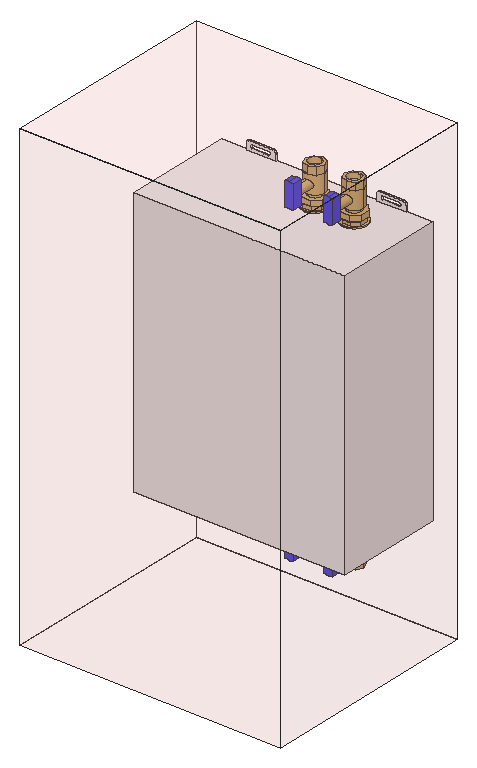
Revit family "MEP_HeatingInterface_FlamcoLtd_A1CIU_20KW", category Plumbing Fixtures, Revit 2016
Family settings
  Part Type = Normal
  Round Connector Dimension = Use Diameter
  Work Plane-Based = No
  Always vertical = Yes
  Cut with Voids When Loaded = No
  Shared = No
  Room Calculation Point = No
Parameters (values of type "A1CIU SP CIU 20Kw nominal  c/w case BPCM")
  PressureIndependentControlValve = "NexusValve Vivax  (min. p = 30 kPa) with thermo-electrical actuator (on/off)"
  OverPressureReliefValveWithPressureGauge = "3 bar, secondary circuit"
  MinFlowRateToActicvateDomesticFlowSensor = 0 mm
  InOutDepth = 56 mm
  InOut6 = 173 mm
  InOut5 = 130 mm
  InOut4 = 10 mm
  InOut3 = 53 mm
  InOut2 = 110 mm
  InOut1 = 190 mm
  Fix = 133 mm
  ElecConPos = 133 mm
  ElecConDepth = 73 mm
  DrainPos = 250 mm
  DrainDepth = 84 mm
  d = 31.8 mm
  ZoneValve = "\"Fitted on primary pipework to control space cooling\r\ncooling interface unit providing cooling only)\""
  WarrantyStartDate = "Record on Commissioning"
  WarrantyGuarantorParts = "Flamco Ltd"
  WarrantyGuarantorLabour = "Flamco Ltd"
  WarrantyDurationUnit = "2 years"
  WarrantyDurationParts = "2 years"
  WarrantyDurationLabour = "2 years"
  WarrantyDescription = "https://flamcogroup.com/ex-en/page/terms-and-conditions"
  Version = "1"
  Uniclass2015Reference = "Ss_75_70_52_17"
  Uniclass2015Description = "Cooling system control systems"
  Under Floor heating Capability = yes
  Type Comments = "AI-GB00132"
  Type = "Cooling Interface Unit for indirect comfort cooling"
  TestPoints = "Fitted on primary flow and return"
  TagNumber = "Record on Commissioning"
  SustainabilityPerformance = "N/A"
  Strainer = "On primary Flow and secondary return"
  SpareParts = "https://flamcogroup.com/uk-en/page/service-support/meibes-spare-parts"
  SolenoidValve(Optional) = "Primary Only"
  Size(WxDxH_Height_of_the_case) = "649 x 337 x 830mm"
  Size = "649 x 337 x 830"
  Shape = "cuboid"
  ServiceLifeDuration = "Record on Commissioning"
  SerialNumber = "Record on Commissioning"
  SensorPockets = "Primary flow and return for heat meter"
  SecondaryFluid = "Low pressure cold water"
  SecondaryCirculationPump = "N/A"
  ReturnWaterTemperatureCooling = "Dependent on flow temperature (refer to graphs in chapter 3 Technical Data V5)"
  ReturnTemperatureLimiter = "N/A"
  ReplacementCost = "N/A"
  ReferenceStandard = "N/A"
  ProductionYear = "Record on Installation"
  ProductCode = "AI-GB00132"
  Process = "Heat distribution"
  PrimaryFluid = "Low pressure cold water"
  Pressure(MinimumSupplyWaterPressure) = "1 bar (Maximum PN10)"
  URL = "https://flamcogroup.com/uk-en/catalog/distribution-technology-by-meibes/district-heating-equipment/meibes-ciu-indirect-units-for-cooling/logocool-20-kw/groups/g+c+p+a+view"
  PowerConsumption = 0 W
  PlateHeatExchanger = "Stainless steel plate heat exchanger"
  Pipework = "Insulated flexible stainless steel with brass fittings"
  PatternNumber = "A1CIU SP CIU 20Kw nominal  c/w case BPCM"
  PartNumber = "AI-GB00132"
  PackagingContent = ""
  PNRating = "PN10 (PN16 on request)"
  Output Range (P1, selectable) = "9 … 24 kW"
  NominalWidth = 650 mm
  NominalLength = 650 mm
  NominalHeight = 824 mm
  NominalDepth = 337 mm
  Name = "A1CIU SP CIU 20Kw nominal  c/w case BPCM"
  NLRS_S_gewicht_bruto = 0.00 kg
  NLRS_P_volumestroom = 0.0 L/s
  NLRS_C_type_comments = "N/A"
  NLRS_C_revit_versie = "2016"
  NLRS_C_model = "N/A"
  NLRS_C_description = "N/A"
  NLRS_C_content_versie = "1"
  NLRS_C_content_datum_uitgifte = "N/A"
  NLRS_C_content_datum_gewijzigd = "N/A"
  NLRS_C_content_creator = "Alus Services Ltd"
  NLRS_C_code_leverancier_artikel = "N/A"
  NLRS_C_code_gtin = "N/A"
  NLRS_C_code_fabrikant_product = "N/A"
  NLRS_C_code_fabrikant_gln = "N/A"
  NLRS_C_code_SfB_tabel1 = "N/A"
  NLRS_C_code_ETIM_url = "N/A"
  NLRS_C_code_ETIM = "N/A"
  NLRS_C_code_CBNL_URL = "N/A"
  NLRS_C_code_CBNL = "N/A"
  NBSReference = "N/A"
  NBSOfficeMasterTag = "N/A"
  NBSObjectName = "N/A"
  NBSNote = "N/A"
  NBSDescription = "Cooling system control systems"
  Mounting = "Wall Mounted"
  ModelReference = "A1CIU SP CIU 20Kw nominal  c/w case BPCM"
  ModelNumber = "AI-GB00132"
  ModelLabel = ""
  Model = "A1CIU SP CIU 20Kw nominal  c/w case BPCM"
  MinTemperaturePrimary = 5 °C
  MinTemperature = "-15"
  MinPressure = "1 BAR"
  MinDifferentialPressure = 30000.0 Pa
  MaximumSecondaryPressure = "PN10 (restricted to 3 bar by over pressure relief valve)"
  MaximumPrimaryPressure = "PN10 (PN16 on request)"
  MaximumPercentageOfGlycol = "Refer to Flamco Technical Support For More Information +44 1744 744 744"
  MaxTemperaturePrimary = 9 °C
  MaxTemperature = "N/A"
  MaxPressure@Maxtemperature = "PN10 (PN16 on request)"
  MaxPressure = 30000.0 Pa
  MaxDifferentialPressure = 400000.0 Pa
  Max Flow = 0.33 L/s
  Material = "Insulated flexible stainless steel with brass fittings"
  ManufacturingAddress = "Flamco UK Ltd, Washway Lane, St Helens, WA10 6PB\r\nWashway Lane \r\nWA10 6PB St Helens, Merseyside\r\nUnited Kingdom"
  ManufacturerName = "Flamco Limited"
  Manufacturer = "Flamco Limited"
  Maintenance = "Annual Inspection"
  LossFactor = 0
  LifeCyclePhase = "N/A"
  InstallationDate = "Record On Installation"
  IfcExportType = "IfcHeatExchangerType"
  IfcExportAs = "IfcEnergyConversionDevice"
  HeatTransferCapacity = "18kW @ 30K ΔT (10kW@20K ΔT)"
  HeatMeter = "Prefitted - Rossweiner HeatSonic, battery powered, M-Bus interface"
  Grade = "N/A"
  FluidTemperatureReturn = "Dependent on flow temperature (refer to graphs in chapter 3 Technical Data V5)"
  FluidTemperatureFlow = "8 … 10ºC"
  FlowRateRange = "1700 … 3300 L/Hour"
  Finish = "N/A"
  FilledWeight = ""
  Features = "Small dimensions, Sealed case (vapour proof) - including all external connections - to avoid condensation, 30mm internal insulation, Successfully tested at room temperatures >30°C and up to 90% humidity, Supplied with silica gel pads to collect any condensation that occurs after commissioning or inspection, Selectable duty offering a range of different outputs, easy to setup, Case with lift-off latches making it easy to open in confined spaces, Top entry connections, Stainless steel expansion vessel (secondary circuit), Ultrasonic heat meter (cooling mode) with M-Bus connectivity, A-rated circulation pump (secondary circuit)"
  ExternalConnections = "Female 1.1/4\" threaded"
  ExpectedLife = "Record on installation"
  ExpansionVessel = "2 Litre Fitted in secondary flow"
  EnvironmentalProductDeclaration = ""
  EmbodiedCarbon = "N/A"
  ElectronicControllerFrequency = "50hz"
  ElectricControllerSupply = "230v"
  EANCode = "4016715060181"
  Duty(Secondary)Cooling(ReturnTemperature) = "12 … 16 ºC"
  Duty(Secondary)Cooling(Flowraterange)(l/h) = "1500 … 3400"
  Duty(Secondary)Cooling(FlowTemperature) = "8 … 10ºC"
  DurationUnit = "Record on installation"
  DryWeight = ""
  DocumentationTechnical = ""
  DocumentationMaintenance = ""
  DocumentationLiterature = ""
  DocumentationInstallationGuide = ""
  DocumentationCertificates = ""
  Description = "A1CIU SP CIU 20Kw nominal  c/w case BPCM"
  CreatedOn = "20/05/18"
  CreatedBy = "Alus Services Ltd"
  CoolingSystem = "2 pipe flow"
  Controls = "External"
  Constituents = "N/A"
  ConnectionType = "Female 11.4\" threaded"
  ComponentMaterial = "STAINLESS STEEL WITH BRASS FITINGS"
  Color = "White"
  CodePerformance = "N/A"
  ClearanceZone = yes
  ClearanceTB = "300mm"
  Category = "HVAC"
  CasingMaterial = "Sheet Steel"
  CasingFinish = "White powder coated sheet steel"
  BarCode = "4016715060181"
  Clearance = 300 mm
  BIMObjectName = "MEP_HeatingInterface_FlamcoLtd_CIU 20KW"
  AssetType = "Fixed"
  AssetIdentifier [instance] = "Record on commissioning"
  Assembly Code = "D3040500"
  Approvals = "WRAS, CE"
  Application fluids = "Low pressure cold water"
  AirVents = "Fitted"
Reference planes
  plane 1 "Center (Front/Back)": y = 0
  plane 2 "ref": z = 0
  plane 3 "Center (Left/Right)": x = 0
  plane 4: y = 14
  plane 5: y = -330
  plane 6 "casemiddle": z = 520
  plane 7 "casetop": z = 824
  plane 8: x = 325
  plane 9: x = -325
  plane 10 "IDENT": y = 168.5
  plane 11 "hiu_front": y = -168.5
  plane 12: x = 40
  plane 13: y = 56
  plane 14: x = -295
  plane 15: x = -60
  plane 16: x = -190
  plane 17: x = 160
  plane 18 "valve_con": z = 945
  plane 19 "valve_bottom": z = -121.309
  plane 20: x = -245.5
  plane 21: x = -155.5
  plane 22: z = 852.5
  plane 23: z = 838.5
  plane 24: z = 844.5
  plane 25: z = 832.5
  plane 26: x = -225.5
  plane 27: x = -175.5
  plane 28: x = 245.5
  plane 29: z = -20.5
  plane 30: z = -8.5
  plane 31 "ELEC_CON": z = -45
Forms (mm)
  Extrusion 1, solid, material "ClearanceZone", visible <- "ClearanceZone", detail levels fine
    sketch origin (0, 376.889, 1767) x (0, 1, 0) y (0, 0, 1)
      loop
        line (-888.389, -643) -> (-888.389, -2067) -> (-207.389, -2067) -> (-207.389, -643) -> (-888.389, -643)
    from -400 to 400
  Extrusion 2, solid, material "Flamco Body White", detail levels medium+fine
    sketch origin (15.251, 39.905, 120) x (-1, 0, 0) y (0, -1, 0)
      loop
        line (340.251, -128.595) -> (340.251, 208.405) -> (-309.749, 208.405) -> (-309.749, -128.595) -> (340.251, -128.595)
    from -120 to 704
  Extrusion 3, solid, material "Flamco Body White", detail levels medium+fine
    sketch origin (0, 168.5, 0) x (-1, 0, 0) y (0, 0, 1)
      loop
        line (235.5, 852.5) -> (165.5, 852.5)
        arc (165.5, 852.5) -> (158.429, 849.571) -> (155.5, 842.5) r 10
        line (155.5, 842.5) -> (155.5, 824) -> (245.5, 824) -> (245.5, 842.5)
        arc (245.5, 842.5) -> (242.571, 849.571) -> (235.5, 852.5) r 10
      loop
        line (225.5, 844.5) -> (175.5, 844.5)
        arc (175.5, 844.5) -> (169.5, 838.5) -> (175.5, 832.5) r 6
        line (175.5, 832.5) -> (225.5, 832.5)
        arc (225.5, 832.5) -> (231.5, 838.5) -> (225.5, 844.5) r 6
    from 0 to -3
  Extrusion 4, solid, material "Flamco Body White", detail levels medium+fine
    sketch origin (401, 168.5, 0) x (-1, 0, 0) y (0, 0, 1)
      loop
        line (235.5, 852.5) -> (165.5, 852.5)
        arc (165.5, 852.5) -> (158.429, 849.571) -> (155.5, 842.5) r 10
        line (155.5, 842.5) -> (155.5, 824) -> (245.5, 824) -> (245.5, 842.5)
        arc (245.5, 842.5) -> (242.571, 849.571) -> (235.5, 852.5) r 10
      loop
        line (225.5, 844.5) -> (175.5, 844.5)
        arc (175.5, 844.5) -> (169.5, 838.5) -> (175.5, 832.5) r 6
        line (175.5, 832.5) -> (225.5, 832.5)
        arc (225.5, 832.5) -> (231.5, 838.5) -> (225.5, 844.5) r 6
    from 0 to -3
  Extrusion 5, solid, material "Flamco Body White", detail levels medium+fine
    sketch origin (0, 168.5, 824) x (-1, 0, 0) y (0, 0, 1)
      loop
        arc (235.5, -852.5) -> (242.571, -849.571) -> (245.5, -842.5) r 10
        line (245.5, -842.5) -> (245.5, -824) -> (155.5, -824) -> (155.5, -842.5)
        arc (155.5, -842.5) -> (158.429, -849.571) -> (165.5, -852.5) r 10
        line (165.5, -852.5) -> (235.5, -852.5)
      loop
        arc (225.5, -844.5) -> (231.5, -838.5) -> (225.5, -832.5) r 6
        line (225.5, -832.5) -> (175.5, -832.5)
        arc (175.5, -832.5) -> (169.5, -838.5) -> (175.5, -844.5) r 6
        line (175.5, -844.5) -> (225.5, -844.5)
    from 0 to -3
  Extrusion 6, solid, material "Flamco Body White", detail levels medium+fine
    sketch origin (401, 168.5, 824) x (-1, 0, 0) y (0, 0, 1)
      loop
        arc (235.5, -852.5) -> (242.571, -849.571) -> (245.5, -842.5) r 10
        line (245.5, -842.5) -> (245.5, -824) -> (155.5, -824) -> (155.5, -842.5)
        arc (155.5, -842.5) -> (158.429, -849.571) -> (165.5, -852.5) r 10
        line (165.5, -852.5) -> (235.5, -852.5)
      loop
        arc (225.5, -844.5) -> (231.5, -838.5) -> (225.5, -832.5) r 6
        line (225.5, -832.5) -> (175.5, -832.5)
        arc (175.5, -832.5) -> (169.5, -838.5) -> (175.5, -844.5) r 6
        line (175.5, -844.5) -> (225.5, -844.5)
    from 0 to -3
Lines and regions (mm)
  model lines
    curve 1: line (-299.749, 168.5, 824) -> (325, 168.5, 824)
    curve 2: line (-299.749, 168.5, -0.309) -> (-299.749, 168.5, 824)
    curve 3: line (325, 168.5, 824) -> (325, 168.5, -0.309)
    curve 8: line (-299.749, 168.5, -0.309) -> (325, 168.5, -0.309)
    curve 9: line (250, 168.5, -27) -> (250, 168.5, 0)
    curve 10: line (-135.168, 168.5, -45) -> (-135.168, 168.5, 0)
    curve 11: line (-130.168, 168.5, -45) -> (-130.168, 168.5, 0)
  model lines, detail levels coarse
    curve 4: line (53, 168.5, 945) -> (53, 168.5, 824)
    curve 5: line (173, 168.5, 945) -> (173, 168.5, 824)
    curve 6: line (53, 168.5, -121) -> (53, 168.5, 0)
    curve 7: line (173, 168.5, -121) -> (173, 168.5, 0)
Dimensions and locks
  equal spacing: plane 10 "IDENT", plane 1 "Center (Front/Back)", plane 11 "hiu_front"
  "NominalDepth": plane 10 "IDENT" to plane 11 "hiu_front"
  equal spacing: plane 9, plane 3 "Center (Left/Right)", plane 8
  "NominalWidth": plane 9 to plane 8
  plane 3 "Center (Left/Right)" to plane 12 to plane 8 = 40 mm, 285 mm
  plane 10 "IDENT" to Extrusion 1 = 680 mm
  Extrusion 1 to level = 1124 mm
  "NominalHeight": plane 7 "casetop" to plane 2 "ref"
  "InOutDepth": plane 1 "Center (Front/Back)" to plane 13
  "InOut1": plane 16 to plane 3 "Center (Left/Right)"
  "DrainDepth": plane 1 "Center (Front/Back)" to nested 2
  "DrainPos": plane 3 "Center (Left/Right)" to nested 2
  "ElecConPos": nested 1 to plane 3 "Center (Left/Right)"
  "ElecConDepth": nested 1 to plane 1 "Center (Front/Back)"
  plane 3 "Center (Left/Right)" to Extrusion 1 = 400 mm
  Extrusion 1 to plane 3 "Center (Left/Right)" = 400 mm
  Extrusion 2 to plane 3 "Center (Left/Right)" = 325 mm  (x2)
  "NominalHeight": level to Extrusion 2
  "InOut3": plane 3 "Center (Left/Right)" to nested 3
  "InOut6": plane 3 "Center (Left/Right)" to nested 4
  "InOutDepth": nested 4 to plane 1 "Center (Front/Back)"
  "InOutDepth": nested 3 to plane 1 "Center (Front/Back)"
  "InOut3": plane 3 "Center (Left/Right)" to connector elem
  "InOutDepth": connector elem to plane 1 "Center (Front/Back)"  (x2)
  "InOut6": connector elem to plane 3 "Center (Left/Right)"
  "Clearance": Extrusion 2 to Extrusion 1
  "Clearance": level to Extrusion 1
  "ElecConDepth": plane 1 "Center (Front/Back)" to connector elem
  "ElecConDepth": connector elem to plane 1 "Center (Front/Back)"
  aligned and locked: level to plane 2 "ref"
  aligned and locked: plane 7 "casetop" to curve 1
  aligned and locked: curve 3 to Extrusion 2
Automatic sketch dimensions
  plane 10 "IDENT" to Extrusion 1 sketch curve = 1 mm
  plane 18 "valve_con" to Extrusion 1 sketch curve = 179 mm
  plane 5 to Extrusion 1 sketch curve = 181.5 mm
  Extrusion 1 sketch curve to plane 19 "valve_bottom" = 178.691 mm
  Extrusion 2 sketch curve to plane 8 = 0 mm
  Extrusion 2 sketch curve to plane 9 = 0 mm
  Extrusion 2 sketch curve to plane 10 "IDENT" = 0 mm
  Extrusion 2 sketch curve to plane 11 "hiu_front" = 0 mm
  Extrusion 3 sketch curve to plane 21 = 0 mm
  Extrusion 3 sketch curve to plane 22 = 0 mm
  Extrusion 3 sketch curve to plane 25 = 0 mm
  Extrusion 3 sketch curve to plane 27 = 0 mm
  Extrusion 3 sketch curve to plane 24 = 0 mm
  Extrusion 3 sketch curve to plane 26 = 0 mm
  Extrusion 3 sketch curve to plane 20 = 0 mm
  Extrusion 3 sketch curve to plane 7 "casetop" = 0 mm
  Extrusion 3 sketch curve to plane 24 = 2 mm  (x2)
  Extrusion 4 sketch curve to plane 28 = 0 mm
  Extrusion 4 sketch curve to plane 22 = 0 mm
  Extrusion 4 sketch curve to plane 25 = 0 mm
  Extrusion 4 sketch curve to plane 24 = 0 mm
  Extrusion 4 sketch curve to plane 7 "casetop" = 0 mm
  Extrusion 4 sketch curve to plane 24 = 2 mm  (x2)
  Extrusion 4 sketch curve to Extrusion 4 sketch curve = 10 mm
  plane 17 to Extrusion 4 sketch curve = 15.5 mm
  plane 17 to Extrusion 4 sketch curve = 5.5 mm
  Extrusion 5 sketch curve to plane 21 = 0 mm
  Extrusion 5 sketch curve to plane 27 = 0 mm
  Extrusion 5 sketch curve to plane 26 = 0 mm
  Extrusion 5 sketch curve to plane 20 = 0 mm
  Extrusion 5 sketch curve to plane 30 = 0 mm
  Extrusion 5 sketch curve to plane 29 = 0 mm
  plane 29 to Extrusion 5 sketch curve = 2 mm  (x2)
  plane 21 to Extrusion 5 sketch curve = 10 mm
  plane 30 to Extrusion 5 sketch curve = 8.5 mm
  Extrusion 6 sketch curve to plane 28 = 0 mm
  Extrusion 6 sketch curve to plane 30 = 0 mm
  Extrusion 6 sketch curve to plane 29 = 0 mm
  plane 29 to Extrusion 6 sketch curve = 2 mm  (x2)
  plane 28 to Extrusion 6 sketch curve = 10 mm
  Extrusion 6 sketch curve to Extrusion 6 sketch curve = 10 mm
  Extrusion 6 sketch curve to plane 17 = 15.5 mm
  Extrusion 6 sketch curve to plane 17 = 5.5 mm
  plane 30 to Extrusion 6 sketch curve = 8.5 mm
  curve 9 to level = 0 mm
  curve 7 to level = 0 mm
  curve 5 to plane 18 "valve_con" = 0 mm
  curve 6 to level = 0 mm
  curve 4 to plane 18 "valve_con" = 0 mm
  curve 11 to plane 31 "ELEC_CON" = 0 mm
  curve 11 to level = 0 mm
  curve 10 to plane 31 "ELEC_CON" = 0 mm
  curve 10 to level = 0 mm
  curve 2 to plane 14 = 4.749 mm
  curve 3 to level = 0.309 mm
  plane 28 to curve 9 = 4.5 mm
  plane 17 to curve 7 = 13 mm
  plane 17 to curve 5 = 13 mm
  plane 12 to curve 6 = 13 mm
  plane 12 to curve 4 = 13 mm
  plane 21 to curve 11 = 25.332 mm
  curve 11 to curve 10 = 5 mm
  plane 19 "valve_bottom" to curve 6 = 0.309 mm
  plane 19 "valve_bottom" to curve 7 = 0.309 mm
  plane 29 to curve 9 = 6.5 mm
Nested families
  nested 1: "cooling_elec" at (-133, 73, 0), type "cooling_elec"
  nested 2: "cooling_drain" at (250, 84, 0), type "cooling_drain", detail levels medium+fine
  nested 3: "cooling_valve 1 14" at (53, 56, 824), type "cooling_valve 1 14", detail levels medium+fine
  nested 4: "cooling_valve 1 14" at (173, 56, 824), type "cooling_valve 1 14", detail levels medium+fine
  nested 5: "cooling_valve 1 14 lower" at (173, 56, 0), type "cooling_valve 1 14 lower", detail levels medium+fine
  nested 6: "cooling_valve 1 14 lower" at (53, 56, 0), type "cooling_valve 1 14 lower", detail levels medium+fine
Connectors
  piping at (250, 84, -27), diameter 30.3
    settings: on nested 2, index 5, connector inside diameter 609.6 mm, connector length 0 mm, flow factor 0, pipe flow 0.0 L/s, pressure drop 0.0 Pa, fitting loss kfactor 0, connector angle 0.00°, fixture units 0, engagement length 0 mm, angle of deflection 0.00°, flow configuration 0, flow direction 0, fitting loss method 0, system type 7, joint type 0, gender type 0, connector reference index -1, connector utility 0, adjustable connector no, is connector primary yes, connector description ""
  piping at (53, 56, 945), diameter 31.8, driven by "d"
    settings: index 8, connector inside diameter 609.6 mm, connector length 0 mm, flow factor 0, pipe flow 0.0 L/s, pressure drop 0.0 Pa, fitting loss kfactor 0, connector angle 0.00°, fixture units 0, engagement length 0 mm, angle of deflection 0.00°, flow configuration 0, flow direction 0, fitting loss method 0, system type 7, joint type 0, gender type 0, connector reference index -1, connector utility 0, adjustable connector no, is connector primary no, connector description ""
  piping at (173, 56, 945), diameter 31.8, driven by "d"
    settings: index 9, connector inside diameter 609.6 mm, connector length 0 mm, flow factor 0, pipe flow 0.0 L/s, pressure drop 0.0 Pa, fitting loss kfactor 0, connector angle 0.00°, fixture units 0, engagement length 0 mm, angle of deflection 0.00°, flow configuration 0, flow direction 0, fitting loss method 0, system type 7, joint type 0, gender type 0, connector reference index -1, connector utility 0, adjustable connector no, is connector primary no, connector description ""
  piping at (173, 56, -121), diameter 31.8, driven by "d"
    settings: on nested 5, index 11, connector inside diameter 609.6 mm, connector length 0 mm, flow factor 0, pipe flow 0.0 L/s, pressure drop 0.0 Pa, fitting loss kfactor 0, connector angle 0.00°, fixture units 0, engagement length 0 mm, angle of deflection 0.00°, flow configuration 0, flow direction 0, fitting loss method 0, system type 7, joint type 0, gender type 0, connector reference index -1, connector utility 0, adjustable connector no, is connector primary no, connector description ""
  piping at (53, 56, -121), diameter 31.8, driven by "d"
    settings: on nested 6, index 12, connector inside diameter 609.6 mm, connector length 0 mm, flow factor 0, pipe flow 0.0 L/s, pressure drop 0.0 Pa, fitting loss kfactor 0, connector angle 0.00°, fixture units 0, engagement length 0 mm, angle of deflection 0.00°, flow configuration 0, flow direction 0, fitting loss method 0, system type 7, joint type 0, gender type 0, connector reference index -1, connector utility 0, adjustable connector no, is connector primary no, connector description ""
  electrical at (-135, 73, -45)
    settings: on plane 31 "ELEC_CON", index 13, voltage 0 V, apparent load 0 VA, apparent load phase1 0 VA, apparent load phase2 0 VA, apparent load phase3 0 VA, power factor 1, load classification "Other", number of poles 1, system type 30, power factor state 1, is connector primary yes, connector utility no, sub classification motor no, connector description ""
  electrical at (-130, 73, -45)
    settings: index 14, voltage 0 V, apparent load 0 VA, apparent load phase1 0 VA, apparent load phase2 0 VA, apparent load phase3 0 VA, power factor 1, load classification "Other", number of poles 1, system type 14, power factor state 1, is connector primary no, connector utility no, sub classification motor no, connector description ""
Definition of nested family "cooling_elec"
  Parameters (values of type "cooling_elec")
    d3 = 28.5 mm
    d2 = 21.5 mm
    d1 = 34 mm
    a/f1 = 29 mm
  Reference planes
    plane 1 "Center (Front/Back)": y = 0
    plane 2: z = 0
    plane 3 "Center (Left/Right)": x = 0
    plane 4: z = -45
    plane 5: through (-13.803, 7.969, -1200) normal (-0.5, -0.866, 0)
    plane 6: through (13.803, 7.969, -1200) normal (-0.5, 0.866, 0)
    plane 7: x = -14.25
  Forms (mm)
    Extrusion 1, solid, detail levels medium+fine
      sketch origin (0, 0, 0) x (0, -1, 0) y (1, 0, 0)
        loop
          circle (0, 0) r 17
      from 0 to -15.5
    Extrusion 2, solid, detail levels medium+fine
      sketch origin (0, 0, 0) x (0, -1, 0) y (1, 0, 0)
        loop
          line (-8.372, 14.5) -> (-16.743, 0) -> (-8.372, -14.5) -> (8.372, -14.5) -> (16.743, 0) -> (8.372, 14.5) -> (-8.372, 14.5)
      from -18.5 to -30
    Extrusion 3, solid, detail levels medium+fine
      sketch origin (0, 0, 0) x (0, -1, 0) y (1, 0, 0)
        loop
          circle (0, 0) r 10.75
      from -15.5 to -18.5
    Revolve 4, solid, detail levels medium+fine
      sketch origin (0, 0, 0) x (1, 0, 0) y (0, 0, -1)
        loop
          line (0, 30) -> (0, 45) -> (-10.535, 45)
          arc (-10.535, 45) -> (-13.235, 42.814) -> (-14.25, 39.493) r 5.94
          line (-14.25, 39.493) -> (-14.25, 30) -> (0, 30)
        axis (0, 45) -> (0, 30)
      angle from 0 to 360
  Dimensions and locks
    equal spacing: Extrusion 2 sketch curve, plane 6, Extrusion 2 sketch curve
    "a/f1": Extrusion 2 sketch curve to Extrusion 2 sketch curve  (x3)
    equal spacing: Extrusion 2 sketch curve, plane 5, Extrusion 2 sketch curve
    Extrusion 2 sketch curve to Extrusion 2 sketch curve = 29 mm
    "d1": diameter of Extrusion 1 sketch curve
    "d2": diameter of Extrusion 3 sketch curve
    aligned and locked: level to plane 2
    aligned and locked: Revolve 4 sketch curve to Revolve 4 sketch curve
  Automatic sketch dimensions
    Revolve 4 sketch curve to plane 3 "Center (Left/Right)" = 0 mm
    Revolve 4 sketch curve to Revolve 4 sketch curve = 2.225 mm
    level to Revolve 4 sketch curve = 30 mm
    Revolve 4 sketch curve to Revolve 4 sketch curve = 9.493 mm
    Revolve 4 sketch curve to Revolve 4 sketch curve = 0 mm  (x2)
    Revolve 4 sketch curve to plane 7 = 0 mm
    Revolve 4 sketch curve to plane 4 = 0 mm
    plane 1 "Center (Front/Back)" to Extrusion 1 sketch curve = 0 mm
    Extrusion 1 sketch curve to plane 3 "Center (Left/Right)" = 0 mm
    plane 6 to Extrusion 2 sketch curve = 0 mm
    plane 1 "Center (Front/Back)" to Extrusion 3 sketch curve = 0 mm
    Extrusion 3 sketch curve to plane 3 "Center (Left/Right)" = 0 mm
Definition of nested family "cooling_drain"
  Parameters (values of type "cooling_drain")
    thread_dia = 35.587 mm
    flange = 56 mm
    a/f1 = 42 mm
  Reference planes
    plane 1 "Center (Front/Back)": y = 0
    plane 2: z = 0
    plane 3 "Center (Left/Right)": x = 0
    plane 4: through (-21, 12.124, 1200) normal (0.5, 0.866, 0)
    plane 5: through (21, 12.124, 1200) normal (0.5, -0.866, 0)
    plane 6: x = 0
    plane 7: x = 21
  Forms (mm)
    Extrusion 1, solid
      sketch origin (0, 0, 0) x (0, -1, 0) y (1, 0, 0)
        loop
          circle (0, 0) r 28
      from 0 to -1
    Extrusion 2, solid
      sketch origin (0, 0, 0) x (0, -1, 0) y (1, 0, 0)
        loop
          line (-12.124, 21) -> (-24.249, 0) -> (-12.124, -21) -> (12.124, -21) -> (24.249, 0) -> (12.124, 21) -> (-12.124, 21)
      from -1 to -12
    Extrusion 3, solid
      sketch origin (0, 0, 0) x (0, -1, 0) y (1, 0, 0)
        loop
          circle (0, 0) r 17.793
      from -12 to -27
  Dimensions and locks
    Extrusion 2 sketch curve to Extrusion 2 sketch curve = 42 mm  (x3)
    "a/f1": Extrusion 2 sketch curve to Extrusion 2 sketch curve  (x3)
    "flange": diameter of Extrusion 1 sketch curve
    "thread_dia": diameter of Extrusion 3 sketch curve
    aligned and locked: level to plane 2
  Automatic sketch dimensions
    plane 1 "Center (Front/Back)" to Extrusion 1 sketch curve = 0 mm
    Extrusion 1 sketch curve to plane 3 "Center (Left/Right)" = 0 mm
    Extrusion 2 sketch curve to plane 3 "Center (Left/Right)" = 0 mm
    plane 5 to Extrusion 2 sketch curve = 0 mm
    Extrusion 2 sketch curve to plane 7 = 0 mm
    Extrusion 2 sketch curve to plane 4 = 0 mm
    Extrusion 2 sketch curve to plane 5 = 0 mm
    plane 1 "Center (Front/Back)" to Extrusion 3 sketch curve = 0 mm
    Extrusion 3 sketch curve to plane 3 "Center (Left/Right)" = 0 mm
Definition of nested family "cooling_valve 1 14"
  Parameters (values of type "cooling_valve 1 14")
    flange = 77 mm
    dia4 = 58 mm
    dia3 = 41 mm
    dia2 = 36 mm
    d5 = 30.3 mm
    a/f4 = 53.5 mm
    a/f3 = 38 mm
    a/f2 = 37 mm
    a/f1 = 42 mm
  Reference planes
    plane 1 "Center (Front/Back)": y = 0
    plane 2: z = 0
    plane 3 "Center (Left/Right)": x = 0
    plane 4: x = 21
    plane 5: through (-6.718, 16.218, 1200) normal (0.9239, 0.3827, 0)
    plane 6: through (16.218, 6.718, 1200) normal (0.3827, -0.9239, 0)
    plane 7: through (-16.218, 6.718, 1200) normal (0.3827, 0.9239, 0)
    plane 8: through (6.718, 16.218, 1200) normal (0.9239, -0.3827, 0)
    plane 9: z = 70.5
    plane 10: z = 79.5
    plane 11: y = 43.5
    plane 12: y = 27.5
    plane 13: z = 85.5
    plane 14: z = 47
    plane 15: z = 28.5
    plane 16 "valve_top": z = 121
    plane 17: z = 94
    plane 18: z = 47
    plane 19: z = 49.5
    plane 20: y = -43.5
    plane 21: y = -27.5
    plane 22: y = -50.8
    plane 23: y = -40.8
    plane 24: y = -52.5
    plane 25: through (-23.675, 23.675, 1200) normal (0.7071, 0.7071, 0)
    plane 26: through (23.675, 23.675, 1200) normal (0.7071, -0.7071, 0)
    plane 27: through (-21.213, 21.213, 1200) normal (0.7071, 0.7071, 0)
    plane 28: through (-21.213, -21.213, 1200) normal (-0.7071, 0.7071, 0)
    plane 29: z = 84.5
    plane 30 "handle": y = -98
  Forms (mm)
    Extrusion 1, solid
      sketch origin (0, 0, 0) x (1, 0, 0) y (0, 1, 0)
        loop
          circle (0, 0) r 38.5
      from 0 to 2
    Extrusion 2, solid
      sketch origin (0, 0, 0) x (1, 0, 0) y (0, 1, 0)
        loop
          circle (0, 0.411) r 18
      from 12 to 17
    Extrusion 3, solid
      sketch origin (0, 0, 0) x (1, 0, 0) y (0, 1, 0)
        loop
          circle (0, 0) r 20.5
      from 45 to 33
    Extrusion 4, solid
      sketch origin (0, 0, 0) x (1, 0, 0) y (0, 1, 0)
        loop
          circle (0, 0) r 29
      from 45 to 98
    Extrusion 5, solid
      sketch origin (0, 0, 0) x (1, 0, 0) y (0, 1, 0)
        loop
          line (0, 28.954) -> (-20.474, 20.474) -> (-28.954, 0) -> (-20.474, -20.474) -> (0, -28.954) -> (20.474, -20.474) -> (28.954, 0) -> (20.474, 20.474) -> (0, 28.954)
      from 98 to 121
    Extrusion 6, solid
      sketch origin (0, -43.5, -19) x (0, -1, 0) y (0, 0, -1)
        loop
          line (27.5, -49.5) -> (27.5, -129.5) -> (54.5, -129.5) -> (54.5, -49.5) -> (27.5, -49.5)
      from 14 to -14
    Revolve 7, solid
      sketch origin (0, 0, 0) x (0, 1, 0) y (0, 0, 1)
        loop
          line (-24.175, 84.5) -> (-71, 84.5) -> (-71, 70.5) -> (-24.175, 70.5) -> (-24.175, 84.5)
        axis (-24.175, 70.5) -> (-71, 70.5)
      angle from 0 to 360
    Extrusion 8, void
      sketch origin (-125.34, -1524, 103) x (0, -1, 0) y (-1, 0, 0)
        loop
          circle (-1524, -125.34) r 15.15
      from 89 to 103
    Extrusion 9, void
      sketch origin (-125.34, -1524, 103) x (0, -1, 0) y (-1, 0, 0)
        loop
          circle (-1524, -125.34) r 15.15
      from 0 to 15
    Extrusion 10, solid
      sketch origin (-125.34, -1524, 103) x (-1, 0, 0) y (0, -1, 0)
        loop
          line (-158.821, -1537.868) -> (-139.208, -1557.481) -> (-111.472, -1557.481) -> (-91.859, -1537.868) -> (-91.859, -1510.132) -> (-111.472, -1490.519) -> (-139.208, -1490.519) -> (-158.821, -1510.132) -> (-158.821, -1537.868)
      from -86 to -70
    Extrusion 11, solid
      sketch origin (-125.34, -1524, 103) x (-1, 0, 0) y (0, -1, 0)
        loop
          line (-155.34, -1536.426) -> (-137.767, -1554) -> (-112.914, -1554) -> (-95.34, -1536.426) -> (-95.34, -1511.574) -> (-112.914, -1494) -> (-137.767, -1494) -> (-155.34, -1511.574) -> (-155.34, -1536.426)
      from -101 to -91
    Extrusion 12, void
      sketch origin (-125.34, -1524, 103) x (0, -1, 0) y (-1, 0, 0)
        loop
          circle (-1524, -125.34) r 23
      from -18 to 45
    Extrusion 13, void
      sketch origin (0, 0, 121) x (0, 1, 0) y (-1, 0, 0)
        loop
          circle (0, 0) r 20.2
      from 0 to -15
    Extrusion 14, void
      sketch origin (0, -98, 0) x (0, 0, -1) y (-1, 0, 0)
        loop
          circle (-70.5, 0) r 38.265
        loop
          circle (-70.5, 0) r 45
      from 0 to 30
  Cuts and joins
    Extrusion 8 cuts Extrusion 1
    Extrusion 8 cuts Extrusion 2
    Extrusion 9, Extrusion 13 cuts Extrusion 5
    Extrusion 12 cuts Extrusion 4
    Extrusion 14 cuts Extrusion 6
  Dimensions and locks
    equal spacing: Extrusion 5 sketch curve, plane 5, Extrusion 5 sketch curve
    "a/f4": Extrusion 5 sketch curve to Extrusion 5 sketch curve  (x4)
    equal spacing: Extrusion 5 sketch curve, plane 8, Extrusion 5 sketch curve
    equal spacing: Extrusion 5 sketch curve, plane 6, Extrusion 5 sketch curve
    equal spacing: Extrusion 5 sketch curve, plane 7, Extrusion 5 sketch curve
    equal spacing: Extrusion 10 sketch curve, plane 3 "Center (Left/Right)", Extrusion 10 sketch curve
    Extrusion 10 sketch curve to Extrusion 10 sketch curve = 66.962 mm  (x4)
    equal spacing: Extrusion 10 sketch curve, plane 26, Extrusion 10 sketch curve
    equal spacing: Extrusion 10 sketch curve, plane 1 "Center (Front/Back)", Extrusion 10 sketch curve
    equal spacing: Extrusion 10 sketch curve, plane 25, Extrusion 10 sketch curve
    equal spacing: Extrusion 11 sketch curve, plane 3 "Center (Left/Right)", Extrusion 11 sketch curve
    Extrusion 11 sketch curve to Extrusion 11 sketch curve = 60 mm  (x4)
    equal spacing: Extrusion 11 sketch curve, plane 27, Extrusion 11 sketch curve
    equal spacing: Extrusion 11 sketch curve, plane 1 "Center (Front/Back)", Extrusion 11 sketch curve
    equal spacing: Extrusion 11 sketch curve, plane 28, Extrusion 11 sketch curve
    Extrusion 6 sketch curve to plane 9 = 40 mm
    "flange": diameter of Extrusion 1 sketch curve
    "dia2": diameter of Extrusion 2 sketch curve
    "dia3": diameter of Extrusion 3 sketch curve
    "dia4": diameter of Extrusion 4 sketch curve
    "d5": diameter of Extrusion 8 sketch curve
    aligned and locked: level to plane 2
    aligned and locked: Revolve 7 sketch curve to Extrusion 6
  Automatic sketch dimensions
    plane 1 "Center (Front/Back)" to Extrusion 9 sketch curve = 0 mm
    Extrusion 9 sketch curve to plane 3 "Center (Left/Right)" = 0 mm
    plane 19 to Extrusion 6 sketch curve = 19 mm
    plane 24 to Extrusion 6 sketch curve = 18.5 mm
    Extrusion 6 sketch curve to Extrusion 6 sketch curve = 27 mm
    Revolve 7 sketch curve to plane 29 = 0 mm
    Revolve 7 sketch curve to plane 9 = 0 mm  (x2)
    plane 21 to Revolve 7 sketch curve = 3.325 mm
    Revolve 7 sketch curve to Revolve 7 sketch curve = 8.458 mm
    plane 21 to Revolve 7 sketch curve = 5.371 mm
    plane 1 "Center (Front/Back)" to Extrusion 12 sketch curve = 0 mm
    Extrusion 12 sketch curve to plane 3 "Center (Left/Right)" = 0 mm
    plane 1 "Center (Front/Back)" to Extrusion 13 sketch curve = 0 mm
    Extrusion 13 sketch curve to plane 3 "Center (Left/Right)" = 0 mm
    Extrusion 14 sketch curve to Extrusion 14 sketch curve = 0 mm  (x2)
    Extrusion 14 sketch curve to plane 3 "Center (Left/Right)" = 0 mm
    Extrusion 14 sketch curve to plane 9 = 0 mm
    plane 1 "Center (Front/Back)" to Extrusion 1 sketch curve = 0 mm
    Extrusion 1 sketch curve to plane 3 "Center (Left/Right)" = 0 mm
    Extrusion 2 sketch curve to plane 3 "Center (Left/Right)" = 0 mm
    Extrusion 2 sketch curve to plane 1 "Center (Front/Back)" = 0.411 mm
    plane 1 "Center (Front/Back)" to Extrusion 3 sketch curve = 0 mm
    Extrusion 3 sketch curve to plane 3 "Center (Left/Right)" = 0 mm
    plane 1 "Center (Front/Back)" to Extrusion 4 sketch curve = 0 mm
    Extrusion 4 sketch curve to plane 3 "Center (Left/Right)" = 0 mm
    plane 1 "Center (Front/Back)" to Extrusion 8 sketch curve = 0 mm
    Extrusion 8 sketch curve to plane 3 "Center (Left/Right)" = 0 mm
    radius of Extrusion 9 sketch curve = 15.15 mm
    radius of Extrusion 12 sketch curve = 23 mm
    radius of Extrusion 13 sketch curve = 20.2 mm
    radius of Extrusion 14 sketch curve = 38.265 mm
    radius of Extrusion 14 sketch curve = 45 mm
Definition of nested family "cooling_valve 1 14 lower"
  Parameters (values of type "cooling_valve 1 14 lower")
    flange = 77 mm
    dia4 = 58 mm
    dia3 = 41 mm
    dia2 = 36 mm
    d5 = 30.3 mm
    a/f4 = 53.5 mm
    a/f3 = 38 mm
    a/f2 = 37 mm
    a/f1 = 42 mm
  Reference planes
    plane 1 "Center (Front/Back)": y = 0
    plane 2: z = 0
    plane 3 "Center (Left/Right)": x = 0
    plane 4: x = 21
    plane 5: z = 70.5
    plane 6: z = 79.5
    plane 7: y = 43.5
    plane 8: y = 27.5
    plane 9: z = 85.5
    plane 10: z = 47
    plane 11: z = 28.5
    plane 12 "valve_top": z = -121
    plane 13: z = 94
    plane 14: z = 47
    plane 15: z = 49.5
    plane 16: y = -43.5
    plane 17: y = -27.5
    plane 18: y = -50.8
    plane 19: y = -40.8
    plane 20: y = -52.5
    plane 21: through (-6.718, 16.218, -1200) normal (-0.9239, -0.3827, 0)
    plane 22: through (16.218, 6.718, -1200) normal (-0.3827, 0.9239, 0)
    plane 23: through (-16.218, 6.718, -1200) normal (-0.3827, -0.9239, 0)
    plane 24: through (6.718, 16.218, -1200) normal (-0.9239, 0.3827, 0)
    plane 25: through (-23.675, 23.675, -1200) normal (-0.7071, -0.7071, 0)
    plane 26: through (23.675, 23.675, -1200) normal (-0.7071, 0.7071, 0)
    plane 27: through (-21.213, 21.213, -1200) normal (-0.7071, -0.7071, 0)
    plane 28: through (-21.213, -21.213, -1200) normal (0.7071, -0.7071, 0)
    plane 29: z = -84.5
    plane 30: z = -70.5
    plane 31 "handle top": y = -98
  Forms (mm)
    Extrusion 1, solid
      sketch origin (0, 0, 0) x (0, -1, 0) y (1, 0, 0)
        loop
          circle (0, 0) r 38.5
      from 0 to -2
    Extrusion 2, solid
      sketch origin (0, 0, 0) x (0, -1, 0) y (1, 0, 0)
        loop
          circle (0, 0) r 18
      from -17 to -12
    Extrusion 3, solid
      sketch origin (0, 0, 0) x (0, -1, 0) y (1, 0, 0)
        loop
          circle (0, 0) r 20.5
      from -33 to -45
    Extrusion 4, solid
      sketch origin (0, 0, -196) x (0, -1, 0) y (1, 0, 0)
        loop
          circle (0, 0) r 29
      from 151 to 98
    Extrusion 5, solid
      sketch origin (0, 0, 0) x (0, -1, 0) y (1, 0, 0)
        loop
          line (-28.954, 0) -> (-20.474, -20.474) -> (0, -28.954) -> (20.474, -20.474) -> (28.954, 0) -> (20.474, 20.474) -> (0, 28.954) -> (-20.474, 20.474) -> (-28.954, 0)
      from -121 to -98
    Extrusion 6, solid
      sketch origin (0, -43.5, 19) x (0, -1, 0) y (0, 0, -1)
        loop
          line (27.5, 49.5) -> (54.5, 49.5) -> (54.5, 129.5) -> (27.5, 129.5) -> (27.5, 49.5)
      from 14 to -14
    Revolve 7, solid
      sketch origin (0, 0, 0) x (0, 1, 0) y (0, 0, -1)
        loop
          line (-21.476, 84.5) -> (-71, 84.5) -> (-71, 70.5) -> (-21.476, 70.5) -> (-21.476, 84.5)
        axis (-21.476, 70.5) -> (-71, 70.5)
      angle from 0 to 360
    Extrusion 8, void
      sketch origin (-125.34, -1524, -103) x (1, 0, 0) y (0, 1, 0)
        loop
          circle (125.34, 1524) r 20.2
      from -18 to -3
    Extrusion 9, solid
      sketch origin (-125.34, -1524, -103) x (0, 1, 0) y (1, 0, 0)
        loop
          line (1537.868, 158.821) -> (1510.132, 158.821) -> (1490.519, 139.208) -> (1490.519, 111.472) -> (1510.132, 91.859) -> (1537.868, 91.859) -> (1557.481, 111.472) -> (1557.481, 139.208) -> (1537.868, 158.821)
      from -86 to -70
    Extrusion 10, solid
      sketch origin (-125.34, -1524, -103) x (0, 1, 0) y (1, 0, 0)
        loop
          line (1536.426, 155.34) -> (1511.574, 155.34) -> (1494, 137.767) -> (1494, 112.914) -> (1511.574, 95.34) -> (1536.426, 95.34) -> (1554, 112.914) -> (1554, 137.767) -> (1536.426, 155.34)
      from -101 to -91
    Extrusion 11, void
      sketch origin (0, -98, 0) x (0, 0, -1) y (-1, 0, 0)
        loop
          circle (70.5, 0) r 40
        loop
          circle (70.5, 0) r 47.384
      from 0 to 50
  Cuts and joins
    Extrusion 8 cuts Extrusion 4
    Extrusion 8 cuts Extrusion 5
    Extrusion 11 cuts Extrusion 6
  Dimensions and locks
    equal spacing: Extrusion 5 sketch curve, plane 21, Extrusion 5 sketch curve
    "a/f4": Extrusion 5 sketch curve to Extrusion 5 sketch curve  (x4)
    equal spacing: Extrusion 5 sketch curve, plane 24, Extrusion 5 sketch curve
    equal spacing: Extrusion 5 sketch curve, plane 22, Extrusion 5 sketch curve
    equal spacing: Extrusion 5 sketch curve, plane 23, Extrusion 5 sketch curve
    Extrusion 9 sketch curve to Extrusion 9 sketch curve = 66.962 mm  (x6)
    equal spacing: Extrusion 9 sketch curve, plane 26, Extrusion 9 sketch curve
    equal spacing: Extrusion 9 sketch curve, plane 25, Extrusion 9 sketch curve
    Extrusion 10 sketch curve to Extrusion 10 sketch curve = 60 mm  (x6)
    equal spacing: Extrusion 10 sketch curve, plane 27, Extrusion 10 sketch curve
    equal spacing: Extrusion 10 sketch curve, plane 28, Extrusion 10 sketch curve
    "flange": diameter of Extrusion 1 sketch curve
    "dia2": diameter of Extrusion 2 sketch curve
    "dia3": diameter of Extrusion 3 sketch curve
    "dia4": diameter of Extrusion 4 sketch curve
    aligned and locked: level to plane 2
    aligned and locked: Extrusion 6 to Revolve 7 sketch curve
    aligned and locked: plane 31 "handle top" to Extrusion 6
  Automatic sketch dimensions
    Extrusion 6 sketch curve to plane 20 = 18.5 mm
    Extrusion 6 sketch curve to Extrusion 6 sketch curve = 27 mm
    Extrusion 6 sketch curve to level = 30.5 mm
    Extrusion 6 sketch curve to Extrusion 6 sketch curve = 80 mm
    plane 29 to Revolve 7 sketch curve = 0 mm
    Revolve 7 sketch curve to plane 17 = 6.024 mm
    plane 29 to Revolve 7 sketch curve = 14 mm
    Revolve 7 sketch curve to Revolve 7 sketch curve = 11.157 mm
    Revolve 7 sketch curve to plane 17 = 5.371 mm
    Revolve 7 sketch curve to Revolve 7 sketch curve = 0 mm
    plane 1 "Center (Front/Back)" to Extrusion 8 sketch curve = 0 mm
    Extrusion 8 sketch curve to plane 3 "Center (Left/Right)" = 0 mm
    Extrusion 9 sketch curve to plane 17 = 5.981 mm
    plane 17 to Extrusion 9 sketch curve = 13.632 mm
    Extrusion 10 sketch curve to plane 17 = 2.5 mm
    plane 1 "Center (Front/Back)" to Extrusion 10 sketch curve = 12.426 mm
    Extrusion 11 sketch curve to Extrusion 11 sketch curve = 0 mm  (x2)
    Extrusion 11 sketch curve to plane 3 "Center (Left/Right)" = 0 mm
    Extrusion 11 sketch curve to plane 30 = 0 mm
    plane 1 "Center (Front/Back)" to Extrusion 1 sketch curve = 0 mm
    Extrusion 1 sketch curve to plane 3 "Center (Left/Right)" = 0 mm
    plane 1 "Center (Front/Back)" to Extrusion 2 sketch curve = 0 mm
    Extrusion 2 sketch curve to plane 3 "Center (Left/Right)" = 0 mm
    plane 1 "Center (Front/Back)" to Extrusion 3 sketch curve = 0 mm
    Extrusion 3 sketch curve to plane 3 "Center (Left/Right)" = 0 mm
    plane 1 "Center (Front/Back)" to Extrusion 4 sketch curve = 0 mm
    Extrusion 4 sketch curve to plane 3 "Center (Left/Right)" = 0 mm
    radius of Extrusion 8 sketch curve = 20.2 mm
    radius of Extrusion 11 sketch curve = 40 mm
    radius of Extrusion 11 sketch curve = 47.384 mm
